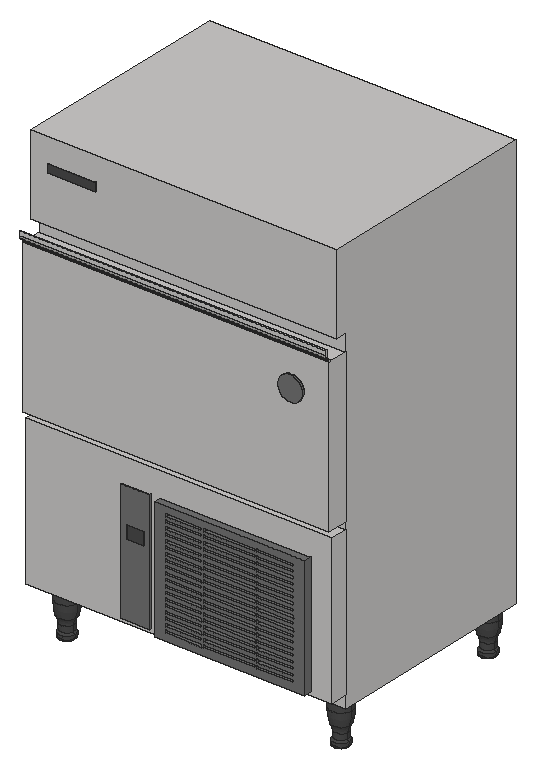
Revit family "QF_MACOM_HOSIM65NELM-2M", category Equipamento especial, Revit 2020
Family settings
  Cota do conector redondo = Utilizar diâmetro
  Tipo de parte = Normal
  Número OmniClass = 23.40.40.14.27
  Título OmniClass = Ice Machines
  Com base no plano de trabalho = Não
  Sempre na vertical = Sim
  Corte com vazios quando carregada = Não
  Compartilhado = Não
  Ponto de cálculo do ambiente = Não
Parameters (values of type "HOSIM65NELM-2M")
  Weight [instance] = 53.00 kg
  Watts [instance] = 400 W
  Waste Water Discharge Temperature = 0 °C
  Volume = 0.304 m³
  Volts [instance] = 220 V
  URL Recommended Spares List [instance] = ""
  URL Manufacturer [instance] = ""
  URL Cutsheet [instance] = ""
  URL Critical Spares List [instance] = ""
  URL = "https://www.acosmacom.com.br/produtos/maquina-de-gelo-im-65ne-lm/"
  Specification by User [instance] = ""
  Specification by Manufacturer [instance] = ""
  Serial Number [instance] = ""
  Seismic Rating [instance] = ""
  SMACNA No [instance] = ""
  Revision Code [instance] = ""
  Plumbing Remarks = ""
  Plumbing Connection Type = ""
  Number of Poles = 0
  NAFEM Spec ID Number [instance] = ""
  Modelo = "HOSIM65NELM-2M\r\nHOSIM65NELM-2M\r\nHOSIM65NELM-2M"
  Min Ckt Capacity = 0 A
  Max Overcurrent Protection = 0 A
  Item Number [instance] = ""
  Installed By [instance] = ""
  Indirect Waste Size = 3/4"
  Indirect Waste Flow = 0.0 L/s
  Indirect Waste Connection Type = ""
  Indirect Waste Connection Height = 177 mm
  Furnished By [instance] = ""
  Fabricante = "MACOM"
  Elevação padrão = 0 mm
  Electrical Remarks = ""
  Electric Connection Type = ""
  Elec Conn RI Height = 0 mm
  Descrição = "MAQUINA DE GELO EM CUBO GRANDE (48X48X58MM) HOSHIZAKI, PRODUCAO ATE 33KG/DIA, DEPOSITO DE 26KG - 220V MONOF - IM-65NE-LM-633X506X860mm"
  Conn Conduit = ""
  Type Comments = ""
  Solid Fuel Type [instance] = ""
  Show Logo [instance] = yes
  Show Clearances [instance] = yes
  Refrigeration Suction Line Size [instance] = 0"
  Refrigeration Liquid Line Size [instance] = 0"
  Refrigeration Evaporation Temperature [instance] = 0 °C
  Refrigeration Energy Efficiency Index [instance] = ""
  Refrigeration Defrost Drain [instance] = yes
  Refrigeration Climate Class [instance] = ""
  Refrigerant Type [instance] = "R134a"
  Refrigerant Mass [instance] = 0
  Refrigerant Flow [instance] = 0.0 L/s
  Refrigerant Compressor Remote [instance] = yes
  Potential Equalisation [instance] = yes
  Phase [instance] = 0
  Operational Current [instance] = 2.5 A
  Masterspec [instance] = ""
  Length Actual [instance] = 633 mm
  Ingress Protection Code [instance] = ""
  Identify Quantity as Lot [instance] = yes
  Height Actual [instance] = 950 mm
  Gas Connection Height [instance] = 0 mm
  Fuel Type [instance] = ""
  Foodservice Equipment Identifier [instance] = yes
  Elec Conn Connection Height [instance] = 228 mm
  Depth Actual [instance] = 514 mm
  Cycle [instance] = 60 Hz
  Conn Plug [instance] = ""
  Cold Water Temperature Recommended = 0 °C
  Cold Water Size = 3/4"
  Cold Water RI Height = 0 mm
  Cold Water Minimum Pressure = 0.0 Pa
  Cold Water Maximum Pressure = 0.0 Pa
  Cold Water Flow = 0.0 L/s
  Cold Water Consumption = ""
  Cold Water Connection Height = 766 mm
  CSI MasterFormat [instance] = ""
  CE Approved [instance] = yes
  BTUH [instance] = 2729 Btu/h
  Accessory [instance] = yes
Reference planes
  plane 1 "Centro (Frontal/Traseira)": y = 0
  plane 2: z = 0
  plane 3 "Centro (Esquerda/Direita)": x = 0
  plane 4: y = -514
  plane 5: z = 370.85
  plane 6: z = 120.85
  plane 7: y = -772
Forms (mm)
  Extrusion 1, solid, material "QF_Metal_Stainless Steel"
    sketch origin (0, 0, 0) x (0, 1, 0) y (0, 0, 1)
      loop
        line (-464, 90.5) -> (-24, 90.5) -> (-24, 950) -> (-487, 950) -> (-487, 786) -> (-464, 786) -> (-464, 90.5)
    from 0 to 633
  Extrusion 2, solid, material "QF_Metal_Stainless Steel"
    sketch origin (0, -464, 1046.354) x (0, 0, -1) y (1, 0, 0)
      loop
        line (624.354, 0) -> (931.354, 0) -> (931.354, 633) -> (624.354, 633) -> (624.354, 0)
    from 0 to 35
  Extrusion 3, solid, material "QF_Metal_Stainless Steel"
    sketch origin (0, -464, 1046.354) x (0, 0, -1) y (1, 0, 0)
      loop
        line (295.454, 0) -> (610.454, 0) -> (610.454, 633) -> (295.454, 633) -> (295.454, 0)
    from 0 to 42
  Extrusion 4, solid, material "QF_Metal_Stainless Steel"
    sketch origin (633, -464, 747.901) x (0, 0, -1) y (0, 1, 0)
      loop
        line (-2.999, -42) -> (-2.999, -40.896) -> (-5.061, -40.896)
        arc (-5.061, -40.896) -> (-6.488, -41.241) -> (-7.601, -42.198) r 3.129
        line (-7.601, -42.198) -> (-12.397, -46.994)
        arc (-12.397, -46.994) -> (-14.619, -48.479) -> (-17.24, -49) r 6.849
        line (-17.24, -49) -> (-27.599, -49) -> (-27.599, -50) -> (-17.746, -50)
        arc (-17.746, -50) -> (-14.456, -49.346) -> (-11.667, -47.482) r 8.597
        line (-11.667, -47.482) -> (-6.785, -42.6)
        arc (-6.785, -42.6) -> (-6.12, -42.156) -> (-5.336, -42) r 2.05
        line (-5.336, -42) -> (-2.999, -42)
    from 0 to -633
  Extrusion 5, solid, material "QF_Plastic-Dark Gray"
    sketch origin (0, -499, 1046.354) x (0, 0, -1) y (1, 0, 0)
      loop
        line (675.504, 278.5) -> (925.504, 278.5) -> (925.504, 588.5) -> (675.504, 588.5) -> (675.504, 278.5)
      loop
        line (688.814, 301.25) -> (694.814, 301.25) -> (694.814, 377) -> (688.814, 377) -> (688.814, 301.25)
      loop
        line (688.814, 380) -> (694.814, 380) -> (694.814, 487) -> (688.814, 487) -> (688.814, 380)
      loop
        line (688.814, 490) -> (694.814, 490) -> (694.814, 565.75) -> (688.814, 565.75) -> (688.814, 490)
      loop
        line (700.814, 301.25) -> (706.814, 301.25) -> (706.814, 377) -> (700.814, 377) -> (700.814, 301.25)
      loop
        line (700.814, 380) -> (706.814, 380) -> (706.814, 487) -> (700.814, 487) -> (700.814, 380)
      loop
        line (700.814, 490) -> (706.814, 490) -> (706.814, 565.75) -> (700.814, 565.75) -> (700.814, 490)
      loop
        line (712.814, 301.25) -> (718.814, 301.25) -> (718.814, 377) -> (712.814, 377) -> (712.814, 301.25)
      loop
        line (712.814, 380) -> (718.814, 380) -> (718.814, 487) -> (712.814, 487) -> (712.814, 380)
      loop
        line (712.814, 490) -> (718.814, 490) -> (718.814, 565.75) -> (712.814, 565.75) -> (712.814, 490)
      loop
        line (724.814, 301.25) -> (730.814, 301.25) -> (730.814, 377) -> (724.814, 377) -> (724.814, 301.25)
      loop
        line (724.814, 380) -> (730.814, 380) -> (730.814, 487) -> (724.814, 487) -> (724.814, 380)
      loop
        line (724.814, 490) -> (730.814, 490) -> (730.814, 565.75) -> (724.814, 565.75) -> (724.814, 490)
      loop
        line (736.814, 301.25) -> (742.814, 301.25) -> (742.814, 377) -> (736.814, 377) -> (736.814, 301.25)
      loop
        line (736.814, 380) -> (742.814, 380) -> (742.814, 487) -> (736.814, 487) -> (736.814, 380)
      loop
        line (736.814, 490) -> (742.814, 490) -> (742.814, 565.75) -> (736.814, 565.75) -> (736.814, 490)
      loop
        line (748.814, 301.25) -> (754.814, 301.25) -> (754.814, 377) -> (748.814, 377) -> (748.814, 301.25)
      loop
        line (748.814, 380) -> (754.814, 380) -> (754.814, 487) -> (748.814, 487) -> (748.814, 380)
      loop
        line (748.814, 490) -> (754.814, 490) -> (754.814, 565.75) -> (748.814, 565.75) -> (748.814, 490)
      loop
        line (760.814, 301.25) -> (766.814, 301.25) -> (766.814, 377) -> (760.814, 377) -> (760.814, 301.25)
      loop
        line (760.814, 380) -> (766.814, 380) -> (766.814, 487) -> (760.814, 487) -> (760.814, 380)
      loop
        line (760.814, 490) -> (766.814, 490) -> (766.814, 565.75) -> (760.814, 565.75) -> (760.814, 490)
      loop
        line (772.814, 301.25) -> (778.814, 301.25) -> (778.814, 377) -> (772.814, 377) -> (772.814, 301.25)
      loop
        line (772.814, 380) -> (778.814, 380) -> (778.814, 487) -> (772.814, 487) -> (772.814, 380)
      loop
        line (772.814, 490) -> (778.814, 490) -> (778.814, 565.75) -> (772.814, 565.75) -> (772.814, 490)
      loop
        line (784.814, 301.25) -> (790.814, 301.25) -> (790.814, 377) -> (784.814, 377) -> (784.814, 301.25)
      loop
        line (784.814, 380) -> (790.814, 380) -> (790.814, 487) -> (784.814, 487) -> (784.814, 380)
      loop
        line (784.814, 490) -> (790.814, 490) -> (790.814, 565.75) -> (784.814, 565.75) -> (784.814, 490)
      loop
        line (796.814, 301.25) -> (802.814, 301.25) -> (802.814, 377) -> (796.814, 377) -> (796.814, 301.25)
      loop
        line (796.814, 380) -> (802.814, 380) -> (802.814, 487) -> (796.814, 487) -> (796.814, 380)
      loop
        line (796.814, 490) -> (802.814, 490) -> (802.814, 565.75) -> (796.814, 565.75) -> (796.814, 490)
      loop
        line (808.814, 301.25) -> (814.814, 301.25) -> (814.814, 377) -> (808.814, 377) -> (808.814, 301.25)
      loop
        line (808.814, 380) -> (814.814, 380) -> (814.814, 487) -> (808.814, 487) -> (808.814, 380)
      loop
        line (808.814, 490) -> (814.814, 490) -> (814.814, 565.75) -> (808.814, 565.75) -> (808.814, 490)
      loop
        line (820.814, 301.25) -> (826.814, 301.25) -> (826.814, 377) -> (820.814, 377) -> (820.814, 301.25)
      loop
        line (820.814, 380) -> (826.814, 380) -> (826.814, 487) -> (820.814, 487) -> (820.814, 380)
      loop
        line (820.814, 490) -> (826.814, 490) -> (826.814, 565.75) -> (820.814, 565.75) -> (820.814, 490)
      loop
        line (832.814, 301.25) -> (838.814, 301.25) -> (838.814, 377) -> (832.814, 377) -> (832.814, 301.25)
      loop
        line (832.814, 380) -> (838.814, 380) -> (838.814, 487) -> (832.814, 487) -> (832.814, 380)
      loop
        line (832.814, 490) -> (838.814, 490) -> (838.814, 565.75) -> (832.814, 565.75) -> (832.814, 490)
      loop
        line (844.814, 301.25) -> (850.814, 301.25) -> (850.814, 377) -> (844.814, 377) -> (844.814, 301.25)
      loop
        line (844.814, 380) -> (850.814, 380) -> (850.814, 487) -> (844.814, 487) -> (844.814, 380)
      loop
        line (844.814, 490) -> (850.814, 490) -> (850.814, 565.75) -> (844.814, 565.75) -> (844.814, 490)
      loop
        line (856.814, 301.25) -> (862.814, 301.25) -> (862.814, 377) -> (856.814, 377) -> (856.814, 301.25)
      loop
        line (856.814, 380) -> (862.814, 380) -> (862.814, 487) -> (856.814, 487) -> (856.814, 380)
      loop
        line (856.814, 490) -> (862.814, 490) -> (862.814, 565.75) -> (856.814, 565.75) -> (856.814, 490)
      loop
        line (868.814, 301.25) -> (874.814, 301.25) -> (874.814, 377) -> (868.814, 377) -> (868.814, 301.25)
      loop
        line (868.814, 380) -> (874.814, 380) -> (874.814, 487) -> (868.814, 487) -> (868.814, 380)
      loop
        line (868.814, 490) -> (874.814, 490) -> (874.814, 565.75) -> (868.814, 565.75) -> (868.814, 490)
      loop
        line (880.814, 301.25) -> (886.814, 301.25) -> (886.814, 377) -> (880.814, 377) -> (880.814, 301.25)
      loop
        line (880.814, 380) -> (886.814, 380) -> (886.814, 487) -> (880.814, 487) -> (880.814, 380)
      loop
        line (880.814, 490) -> (886.814, 490) -> (886.814, 565.75) -> (880.814, 565.75) -> (880.814, 490)
      loop
        line (892.814, 301.25) -> (898.814, 301.25) -> (898.814, 377) -> (892.814, 377) -> (892.814, 301.25)
      loop
        line (892.814, 380) -> (898.814, 380) -> (898.814, 487) -> (892.814, 487) -> (892.814, 380)
      loop
        line (892.814, 490) -> (898.814, 490) -> (898.814, 565.75) -> (892.814, 565.75) -> (892.814, 490)
      loop
        line (904.814, 301.25) -> (910.814, 301.25) -> (910.814, 377) -> (904.814, 377) -> (904.814, 301.25)
      loop
        line (904.814, 380) -> (910.814, 380) -> (910.814, 487) -> (904.814, 487) -> (904.814, 380)
      loop
        line (904.814, 490) -> (910.814, 490) -> (910.814, 565.75) -> (904.814, 565.75) -> (904.814, 490)
    from 0 to 15
  Extrusion 6, solid, material "QF_Plastic-Dark Gray"
    sketch origin (0, -499, 1046.354) x (0, 0, -1) y (1, 0, 0)
      loop
        line (675.504, 198) -> (925.504, 198) -> (925.504, 258) -> (675.504, 258) -> (675.504, 198)
      loop
        line (749.004, 209.5) -> (775.004, 209.5) -> (775.004, 246.5) -> (749.004, 246.5) -> (749.004, 209.5)
    from 0 to 2
  Extrusion 7, solid, material "QF_Plastic_Black"
    sketch origin (0, -499, 1046.354) x (0, 0, -1) y (1, 0, 0)
      loop
        line (749.004, 209.5) -> (775.004, 209.5) -> (775.004, 246.5) -> (749.004, 246.5) -> (749.004, 209.5)
    from 0 to 2
  Extrusion 8, solid, material "QF_Metal_Stainless Steel"
    sketch origin (0, -243.851, 950) x (0, -1, 0) y (1, 0, 0)
      loop
        line (-243.851, 511.5) -> (-219.851, 511.5) -> (-219.851, 591.5) -> (-243.851, 591.5) -> (-243.851, 511.5)
    from -51.4 to -663.4
  Extrusion 9, solid, material "QF_Finishes_Clearance Door Blue", detail levels coarse
    sketch origin (633, -464, 747.901) x (0, 0, -1) y (0, 1, 0)
      loop
        line (312.001, -42) -> (-2.999, -42)
        arc (-2.999, -42) -> (36.496, -194.715) -> (145.076, -309.135) r 315
        line (145.076, -309.135) -> (312.001, -42)
    from 0 to -633
  Extrusion 10, solid, material "QF_Finishes_Clearance Wall", detail levels coarse
    sketch origin (0, -243.851, 950) x (0, -1, 0) y (1, 0, 0)
      loop
        line (270.149, 633) -> (270.149, 783) -> (-393.851, 783) -> (-393.851, -150) -> (270.149, -150) -> (270.149, 0) -> (-243.851, 0) -> (-243.851, 633) -> (270.149, 633)
    from 0 to -950
  Extrusion 11, solid, material "QF_Finishes_Clearance Wall", detail levels coarse
    sketch origin (0, -243.851, 950) x (0, -1, 0) y (1, 0, 0)
      loop
        line (-393.851, -150) -> (270.149, -150) -> (270.149, 783) -> (-393.851, 783) -> (-393.851, -150)
    from 0 to 150
  Extrusion 12, solid, material "QF_Metal_Stainless Steel"
    sketch origin (0, -24, 206.354) x (0, 0, 1) y (1, 0, 0)
      loop
        circle (61.146, 79) r 9.525
      loop
        circle (112.146, 35) r 9.525
      loop
        circle (650.146, 67) r 9.525
    from 0 to 6.35
Cuts and joins
  joined: Extrusion 10, Extrusion 11
Lines and regions (mm)
  symbolic lines
    curve 1: line (0, -24, 0) -> (633, -24, 0)
    curve 2: line (0, -506, 0) -> (0, -24, 0)
    curve 3: line (633, -506, 0) -> (0, -506, 0)
    curve 4: line (633, -24, 0) -> (633, -506, 0)
    curve 5: line (633, -513, 0) -> (0, -513, 0)
    curve 6: line (633, -506, 0) -> (633, -513, 0)
    curve 7: line (0, -506, 0) -> (633, -506, 0)
    curve 8: line (0, -513, 0) -> (0, -506, 0)
    curve 9: line (511.5, 0, 0) -> (591.5, 0, 0)
    curve 10: line (511.5, -24, 0) -> (511.5, 0, 0)
    curve 11: line (591.5, -24, 0) -> (511.5, -24, 0)
    curve 12: line (591.5, 0, 0) -> (591.5, -24, 0)
    curve 13: line (88.525, -17.65, 0) -> (76.562, -17.65, 0)
    curve 14: line (88.525, -24, 0) -> (88.525, -17.65, 0)
    curve 15: line (76.562, -24, 0) -> (88.525, -24, 0)
    curve 16: line (76.562, -17.65, 0) -> (76.562, -24, 0)
    curve 17: line (69.475, -17.65, 0) -> (57.442, -17.65, 0)
    curve 18: line (69.475, -24, 0) -> (69.475, -17.65, 0)
    curve 19: line (57.442, -24, 0) -> (69.475, -24, 0)
    curve 20: line (57.442, -17.65, 0) -> (57.442, -24, 0)
    curve 21: line (44.525, -17.65, 0) -> (25.419, -17.65, 0)
    curve 22: line (44.525, -24, 0) -> (44.525, -17.65, 0)
    curve 23: line (25.419, -24, 0) -> (44.525, -24, 0)
    curve 24: line (25.419, -17.65, 0) -> (25.419, -24, 0)
  model lines
    curve 25: line (633, -376, 315.5) -> (633, -372, 315.5)
    curve 26: line (633, -376, 259.5) -> (633, -376, 315.5)
    curve 27: line (633, -372, 259.5) -> (633, -376, 259.5)
    curve 28: line (633, -372, 315.5) -> (633, -372, 259.5)
    curve 29: line (633, -376, 254.5) -> (633, -372, 254.5)
    curve 30: line (633, -376, 233.5) -> (633, -376, 254.5)
    curve 31: line (633, -372, 233.5) -> (633, -376, 233.5)
    curve 32: line (633, -372, 254.5) -> (633, -372, 233.5)
    curve 33: line (633, -376, 228.5) -> (633, -372, 228.5)
    curve 34: line (633, -376, 172.5) -> (633, -376, 228.5)
    curve 35: line (633, -372, 172.5) -> (633, -376, 172.5)
    curve 36: line (633, -372, 228.5) -> (633, -372, 172.5)
    curve 37: line (633, -376, 167.5) -> (633, -372, 167.5)
    curve 38: line (633, -376, 141.5) -> (633, -376, 167.5)
    curve 39: line (633, -372, 141.5) -> (633, -376, 141.5)
    curve 40: line (633, -372, 167.5) -> (633, -372, 141.5)
    curve 41: line (633, -367, 315.5) -> (633, -363, 315.5)
    curve 42: line (633, -367, 259.5) -> (633, -367, 315.5)
    curve 43: line (633, -363, 259.5) -> (633, -367, 259.5)
    curve 44: line (633, -363, 315.5) -> (633, -363, 259.5)
    curve 45: line (633, -367, 254.5) -> (633, -363, 254.5)
    curve 46: line (633, -367, 233.5) -> (633, -367, 254.5)
    curve 47: line (633, -363, 233.5) -> (633, -367, 233.5)
    curve 48: line (633, -363, 254.5) -> (633, -363, 233.5)
    curve 49: line (633, -367, 228.5) -> (633, -363, 228.5)
    curve 50: line (633, -367, 172.5) -> (633, -367, 228.5)
    curve 51: line (633, -363, 172.5) -> (633, -367, 172.5)
    curve 52: line (633, -363, 228.5) -> (633, -363, 172.5)
    curve 53: line (633, -367, 167.5) -> (633, -363, 167.5)
    curve 54: line (633, -367, 141.5) -> (633, -367, 167.5)
    curve 55: line (633, -363, 141.5) -> (633, -367, 141.5)
    curve 56: line (633, -363, 167.5) -> (633, -363, 141.5)
    curve 57: line (633, -358, 315.5) -> (633, -354, 315.5)
    curve 58: line (633, -358, 259.5) -> (633, -358, 315.5)
    curve 59: line (633, -354, 259.5) -> (633, -358, 259.5)
    curve 60: line (633, -354, 315.5) -> (633, -354, 259.5)
    curve 61: line (633, -358, 254.5) -> (633, -354, 254.5)
    curve 62: line (633, -358, 233.5) -> (633, -358, 254.5)
    curve 63: line (633, -354, 233.5) -> (633, -358, 233.5)
    curve 64: line (633, -354, 254.5) -> (633, -354, 233.5)
    curve 65: line (633, -358, 228.5) -> (633, -354, 228.5)
    curve 66: line (633, -358, 172.5) -> (633, -358, 228.5)
    curve 67: line (633, -354, 172.5) -> (633, -358, 172.5)
    curve 68: line (633, -354, 228.5) -> (633, -354, 172.5)
    curve 69: line (633, -358, 167.5) -> (633, -354, 167.5)
    curve 70: line (633, -358, 141.5) -> (633, -358, 167.5)
    curve 71: line (633, -354, 141.5) -> (633, -358, 141.5)
    curve 72: line (633, -354, 167.5) -> (633, -354, 141.5)
    curve 73: line (633, -349, 315.5) -> (633, -345, 315.5)
    curve 74: line (633, -349, 259.5) -> (633, -349, 315.5)
    curve 75: line (633, -345, 259.5) -> (633, -349, 259.5)
    curve 76: line (633, -345, 315.5) -> (633, -345, 259.5)
    curve 77: line (633, -349, 254.5) -> (633, -345, 254.5)
    curve 78: line (633, -349, 233.5) -> (633, -349, 254.5)
    curve 79: line (633, -345, 233.5) -> (633, -349, 233.5)
    curve 80: line (633, -345, 254.5) -> (633, -345, 233.5)
    curve 81: line (633, -349, 228.5) -> (633, -345, 228.5)
    curve 82: line (633, -349, 172.5) -> (633, -349, 228.5)
    curve 83: line (633, -345, 172.5) -> (633, -349, 172.5)
    curve 84: line (633, -345, 228.5) -> (633, -345, 172.5)
    curve 85: line (633, -349, 167.5) -> (633, -345, 167.5)
    curve 86: line (633, -349, 141.5) -> (633, -349, 167.5)
    curve 87: line (633, -345, 141.5) -> (633, -349, 141.5)
    curve 88: line (633, -345, 167.5) -> (633, -345, 141.5)
    curve 89: line (633, -340, 315.5) -> (633, -336, 315.5)
    curve 90: line (633, -340, 259.5) -> (633, -340, 315.5)
    curve 91: line (633, -336, 259.5) -> (633, -340, 259.5)
    curve 92: line (633, -336, 315.5) -> (633, -336, 259.5)
    curve 93: line (633, -340, 254.5) -> (633, -336, 254.5)
    curve 94: line (633, -340, 233.5) -> (633, -340, 254.5)
    curve 95: line (633, -336, 233.5) -> (633, -340, 233.5)
    curve 96: line (633, -336, 254.5) -> (633, -336, 233.5)
    curve 97: line (633, -340, 228.5) -> (633, -336, 228.5)
    curve 98: line (633, -340, 172.5) -> (633, -340, 228.5)
    curve 99: line (633, -336, 172.5) -> (633, -340, 172.5)
    curve 100: line (633, -336, 228.5) -> (633, -336, 172.5)
    curve 101: line (633, -340, 167.5) -> (633, -336, 167.5)
    curve 102: line (633, -340, 141.5) -> (633, -340, 167.5)
    curve 103: line (633, -336, 141.5) -> (633, -340, 141.5)
    curve 104: line (633, -336, 167.5) -> (633, -336, 141.5)
    curve 105: line (633, -331, 315.5) -> (633, -327, 315.5)
    curve 106: line (633, -331, 259.5) -> (633, -331, 315.5)
    curve 107: line (633, -327, 259.5) -> (633, -331, 259.5)
    curve 108: line (633, -327, 315.5) -> (633, -327, 259.5)
    curve 109: line (633, -331, 254.5) -> (633, -327, 254.5)
    curve 110: line (633, -331, 233.5) -> (633, -331, 254.5)
    curve 111: line (633, -327, 233.5) -> (633, -331, 233.5)
    curve 112: line (633, -327, 254.5) -> (633, -327, 233.5)
    curve 113: line (633, -331, 228.5) -> (633, -327, 228.5)
    curve 114: line (633, -331, 172.5) -> (633, -331, 228.5)
    curve 115: line (633, -327, 172.5) -> (633, -331, 172.5)
    curve 116: line (633, -327, 228.5) -> (633, -327, 172.5)
    curve 117: line (633, -331, 167.5) -> (633, -327, 167.5)
    curve 118: line (633, -331, 141.5) -> (633, -331, 167.5)
    curve 119: line (633, -327, 141.5) -> (633, -331, 141.5)
    curve 120: line (633, -327, 167.5) -> (633, -327, 141.5)
    curve 121: line (633, -322, 315.5) -> (633, -318, 315.5)
    curve 122: line (633, -322, 259.5) -> (633, -322, 315.5)
    curve 123: line (633, -318, 259.5) -> (633, -322, 259.5)
    curve 124: line (633, -318, 315.5) -> (633, -318, 259.5)
    curve 125: line (633, -322, 254.5) -> (633, -318, 254.5)
    curve 126: line (633, -322, 233.5) -> (633, -322, 254.5)
    curve 127: line (633, -318, 233.5) -> (633, -322, 233.5)
    curve 128: line (633, -318, 254.5) -> (633, -318, 233.5)
    curve 129: line (633, -322, 228.5) -> (633, -318, 228.5)
    curve 130: line (633, -322, 172.5) -> (633, -322, 228.5)
    curve 131: line (633, -318, 172.5) -> (633, -322, 172.5)
    curve 132: line (633, -318, 228.5) -> (633, -318, 172.5)
    curve 133: line (633, -322, 167.5) -> (633, -318, 167.5)
    curve 134: line (633, -322, 141.5) -> (633, -322, 167.5)
    curve 135: line (633, -318, 141.5) -> (633, -322, 141.5)
    curve 136: line (633, -318, 167.5) -> (633, -318, 141.5)
    curve 137: line (633, -313, 315.5) -> (633, -309, 315.5)
    curve 138: line (633, -313, 259.5) -> (633, -313, 315.5)
    curve 139: line (633, -309, 259.5) -> (633, -313, 259.5)
    curve 140: line (633, -309, 315.5) -> (633, -309, 259.5)
    curve 141: line (633, -313, 254.5) -> (633, -309, 254.5)
    curve 142: line (633, -313, 233.5) -> (633, -313, 254.5)
    curve 143: line (633, -309, 233.5) -> (633, -313, 233.5)
    curve 144: line (633, -309, 254.5) -> (633, -309, 233.5)
    curve 145: line (633, -313, 228.5) -> (633, -309, 228.5)
    curve 146: line (633, -313, 172.5) -> (633, -313, 228.5)
    curve 147: line (633, -309, 172.5) -> (633, -313, 172.5)
    curve 148: line (633, -309, 228.5) -> (633, -309, 172.5)
    curve 149: line (633, -313, 167.5) -> (633, -309, 167.5)
    curve 150: line (633, -313, 141.5) -> (633, -313, 167.5)
    curve 151: line (633, -309, 141.5) -> (633, -313, 141.5)
    curve 152: line (633, -309, 167.5) -> (633, -309, 141.5)
    curve 153: line (633, -304, 315.5) -> (633, -300, 315.5)
    curve 154: line (633, -304, 259.5) -> (633, -304, 315.5)
    curve 155: line (633, -300, 259.5) -> (633, -304, 259.5)
    curve 156: line (633, -300, 315.5) -> (633, -300, 259.5)
    curve 157: line (633, -304, 254.5) -> (633, -300, 254.5)
    curve 158: line (633, -304, 233.5) -> (633, -304, 254.5)
    curve 159: line (633, -300, 233.5) -> (633, -304, 233.5)
    curve 160: line (633, -300, 254.5) -> (633, -300, 233.5)
    curve 161: line (633, -304, 228.5) -> (633, -300, 228.5)
    curve 162: line (633, -304, 172.5) -> (633, -304, 228.5)
    curve 163: line (633, -300, 172.5) -> (633, -304, 172.5)
    curve 164: line (633, -300, 228.5) -> (633, -300, 172.5)
    curve 165: line (633, -304, 167.5) -> (633, -300, 167.5)
    curve 166: line (633, -304, 141.5) -> (633, -304, 167.5)
    curve 167: line (633, -300, 141.5) -> (633, -304, 141.5)
    curve 168: line (633, -300, 167.5) -> (633, -300, 141.5)
    curve 169: line (633, -295, 315.5) -> (633, -291, 315.5)
    curve 170: line (633, -295, 259.5) -> (633, -295, 315.5)
    curve 171: line (633, -291, 259.5) -> (633, -295, 259.5)
    curve 172: line (633, -291, 315.5) -> (633, -291, 259.5)
    curve 173: line (633, -295, 254.5) -> (633, -291, 254.5)
    curve 174: line (633, -295, 233.5) -> (633, -295, 254.5)
    curve 175: line (633, -291, 233.5) -> (633, -295, 233.5)
    curve 176: line (633, -291, 254.5) -> (633, -291, 233.5)
    curve 177: line (633, -295, 228.5) -> (633, -291, 228.5)
    curve 178: line (633, -295, 172.5) -> (633, -295, 228.5)
    curve 179: line (633, -291, 172.5) -> (633, -295, 172.5)
    curve 180: line (633, -291, 228.5) -> (633, -291, 172.5)
    curve 181: line (633, -295, 167.5) -> (633, -291, 167.5)
    curve 182: line (633, -295, 141.5) -> (633, -295, 167.5)
    curve 183: line (633, -291, 141.5) -> (633, -295, 141.5)
    curve 184: line (633, -291, 167.5) -> (633, -291, 141.5)
    curve 185: line (633, -286, 315.5) -> (633, -282, 315.5)
    curve 186: line (633, -286, 259.5) -> (633, -286, 315.5)
    curve 187: line (633, -282, 259.5) -> (633, -286, 259.5)
    curve 188: line (633, -282, 315.5) -> (633, -282, 259.5)
    curve 189: line (633, -286, 254.5) -> (633, -282, 254.5)
    curve 190: line (633, -286, 233.5) -> (633, -286, 254.5)
    curve 191: line (633, -282, 233.5) -> (633, -286, 233.5)
    curve 192: line (633, -282, 254.5) -> (633, -282, 233.5)
    curve 193: line (633, -286, 228.5) -> (633, -282, 228.5)
    curve 194: line (633, -286, 172.5) -> (633, -286, 228.5)
    curve 195: line (633, -282, 172.5) -> (633, -286, 172.5)
    curve 196: line (633, -282, 228.5) -> (633, -282, 172.5)
    curve 197: line (633, -286, 167.5) -> (633, -282, 167.5)
    curve 198: line (633, -286, 141.5) -> (633, -286, 167.5)
    curve 199: line (633, -282, 141.5) -> (633, -286, 141.5)
    curve 200: line (633, -282, 167.5) -> (633, -282, 141.5)
    curve 201: line (633, -277, 315.5) -> (633, -273, 315.5)
    curve 202: line (633, -277, 259.5) -> (633, -277, 315.5)
    curve 203: line (633, -273, 259.5) -> (633, -277, 259.5)
    curve 204: line (633, -273, 315.5) -> (633, -273, 259.5)
    curve 205: line (633, -277, 254.5) -> (633, -273, 254.5)
    curve 206: line (633, -277, 233.5) -> (633, -277, 254.5)
    curve 207: line (633, -273, 233.5) -> (633, -277, 233.5)
    curve 208: line (633, -273, 254.5) -> (633, -273, 233.5)
    curve 209: line (633, -277, 228.5) -> (633, -273, 228.5)
    curve 210: line (633, -277, 172.5) -> (633, -277, 228.5)
    curve 211: line (633, -273, 172.5) -> (633, -277, 172.5)
    curve 212: line (633, -273, 228.5) -> (633, -273, 172.5)
    curve 213: line (633, -277, 167.5) -> (633, -273, 167.5)
    curve 214: line (633, -277, 141.5) -> (633, -277, 167.5)
    curve 215: line (633, -273, 141.5) -> (633, -277, 141.5)
    curve 216: line (633, -273, 167.5) -> (633, -273, 141.5)
    curve 217: line (633, -268, 315.5) -> (633, -264, 315.5)
    curve 218: line (633, -268, 259.5) -> (633, -268, 315.5)
    curve 219: line (633, -264, 259.5) -> (633, -268, 259.5)
    curve 220: line (633, -264, 315.5) -> (633, -264, 259.5)
    curve 221: line (633, -268, 254.5) -> (633, -264, 254.5)
    curve 222: line (633, -268, 233.5) -> (633, -268, 254.5)
    curve 223: line (633, -264, 233.5) -> (633, -268, 233.5)
    curve 224: line (633, -264, 254.5) -> (633, -264, 233.5)
    curve 225: line (633, -268, 228.5) -> (633, -264, 228.5)
    curve 226: line (633, -268, 172.5) -> (633, -268, 228.5)
    curve 227: line (633, -264, 172.5) -> (633, -268, 172.5)
    curve 228: line (633, -264, 228.5) -> (633, -264, 172.5)
    curve 229: line (633, -268, 167.5) -> (633, -264, 167.5)
    curve 230: line (633, -268, 141.5) -> (633, -268, 167.5)
    curve 231: line (633, -264, 141.5) -> (633, -268, 141.5)
    curve 232: line (633, -264, 167.5) -> (633, -264, 141.5)
    curve 233: line (633, -259, 315.5) -> (633, -255, 315.5)
    curve 234: line (633, -259, 259.5) -> (633, -259, 315.5)
    curve 235: line (633, -255, 259.5) -> (633, -259, 259.5)
    curve 236: line (633, -255, 315.5) -> (633, -255, 259.5)
    curve 237: line (633, -259, 254.5) -> (633, -255, 254.5)
    curve 238: line (633, -259, 233.5) -> (633, -259, 254.5)
    curve 239: line (633, -255, 233.5) -> (633, -259, 233.5)
    curve 240: line (633, -255, 254.5) -> (633, -255, 233.5)
    curve 241: line (633, -259, 228.5) -> (633, -255, 228.5)
    curve 242: line (633, -259, 172.5) -> (633, -259, 228.5)
    curve 243: line (633, -255, 172.5) -> (633, -259, 172.5)
    curve 244: line (633, -255, 228.5) -> (633, -255, 172.5)
    curve 245: line (633, -259, 167.5) -> (633, -255, 167.5)
    curve 246: line (633, -259, 141.5) -> (633, -259, 167.5)
    curve 247: line (633, -255, 141.5) -> (633, -259, 141.5)
    curve 248: line (633, -255, 167.5) -> (633, -255, 141.5)
    curve 249: line (633, -250, 315.5) -> (633, -246, 315.5)
    curve 250: line (633, -250, 259.5) -> (633, -250, 315.5)
    curve 251: line (633, -246, 259.5) -> (633, -250, 259.5)
    curve 252: line (633, -246, 315.5) -> (633, -246, 259.5)
    curve 253: line (633, -250, 254.5) -> (633, -246, 254.5)
    curve 254: line (633, -250, 233.5) -> (633, -250, 254.5)
    curve 255: line (633, -246, 233.5) -> (633, -250, 233.5)
    curve 256: line (633, -246, 254.5) -> (633, -246, 233.5)
    curve 257: line (633, -250, 228.5) -> (633, -246, 228.5)
    curve 258: line (633, -250, 172.5) -> (633, -250, 228.5)
    curve 259: line (633, -246, 172.5) -> (633, -250, 172.5)
    curve 260: line (633, -246, 228.5) -> (633, -246, 172.5)
    curve 261: line (633, -250, 167.5) -> (633, -246, 167.5)
    curve 262: line (633, -250, 141.5) -> (633, -250, 167.5)
    curve 263: line (633, -246, 141.5) -> (633, -250, 141.5)
    curve 264: line (633, -246, 167.5) -> (633, -246, 141.5)
    curve 265: line (633, -241, 315.5) -> (633, -237, 315.5)
    curve 266: line (633, -241, 259.5) -> (633, -241, 315.5)
    curve 267: line (633, -237, 259.5) -> (633, -241, 259.5)
    curve 268: line (633, -237, 315.5) -> (633, -237, 259.5)
    curve 269: line (633, -241, 254.5) -> (633, -237, 254.5)
    curve 270: line (633, -241, 233.5) -> (633, -241, 254.5)
    curve 271: line (633, -237, 233.5) -> (633, -241, 233.5)
    curve 272: line (633, -237, 254.5) -> (633, -237, 233.5)
    curve 273: line (633, -241, 228.5) -> (633, -237, 228.5)
    curve 274: line (633, -241, 172.5) -> (633, -241, 228.5)
    curve 275: line (633, -237, 172.5) -> (633, -241, 172.5)
    curve 276: line (633, -237, 228.5) -> (633, -237, 172.5)
    curve 277: line (633, -241, 167.5) -> (633, -237, 167.5)
    curve 278: line (633, -241, 141.5) -> (633, -241, 167.5)
    curve 279: line (633, -237, 141.5) -> (633, -241, 141.5)
    curve 280: line (633, -237, 167.5) -> (633, -237, 141.5)
    curve 281: line (633, -232, 315.5) -> (633, -228, 315.5)
    curve 282: line (633, -232, 259.5) -> (633, -232, 315.5)
    curve 283: line (633, -228, 259.5) -> (633, -232, 259.5)
    curve 284: line (633, -228, 315.5) -> (633, -228, 259.5)
    curve 285: line (633, -232, 254.5) -> (633, -228, 254.5)
    curve 286: line (633, -232, 233.5) -> (633, -232, 254.5)
    curve 287: line (633, -228, 233.5) -> (633, -232, 233.5)
    curve 288: line (633, -228, 254.5) -> (633, -228, 233.5)
    curve 289: line (633, -232, 228.5) -> (633, -228, 228.5)
    curve 290: line (633, -232, 172.5) -> (633, -232, 228.5)
    curve 291: line (633, -228, 172.5) -> (633, -232, 172.5)
    curve 292: line (633, -228, 228.5) -> (633, -228, 172.5)
    curve 293: line (633, -232, 167.5) -> (633, -228, 167.5)
    curve 294: line (633, -232, 141.5) -> (633, -232, 167.5)
    curve 295: line (633, -228, 141.5) -> (633, -232, 141.5)
    curve 296: line (633, -228, 167.5) -> (633, -228, 141.5)
    curve 297: line (633, -223, 315.5) -> (633, -219, 315.5)
    curve 298: line (633, -223, 259.5) -> (633, -223, 315.5)
    curve 299: line (633, -219, 259.5) -> (633, -223, 259.5)
    curve 300: line (633, -219, 315.5) -> (633, -219, 259.5)
    curve 301: line (633, -223, 254.5) -> (633, -219, 254.5)
    curve 302: line (633, -223, 233.5) -> (633, -223, 254.5)
    curve 303: line (633, -219, 233.5) -> (633, -223, 233.5)
    curve 304: line (633, -219, 254.5) -> (633, -219, 233.5)
    curve 305: line (633, -223, 228.5) -> (633, -219, 228.5)
    curve 306: line (633, -223, 172.5) -> (633, -223, 228.5)
    curve 307: line (633, -219, 172.5) -> (633, -223, 172.5)
    curve 308: line (633, -219, 228.5) -> (633, -219, 172.5)
    curve 309: line (633, -223, 167.5) -> (633, -219, 167.5)
    curve 310: line (633, -223, 141.5) -> (633, -223, 167.5)
    curve 311: line (633, -219, 141.5) -> (633, -223, 141.5)
    curve 312: line (633, -219, 167.5) -> (633, -219, 141.5)
    curve 313: line (633, -214, 315.5) -> (633, -210, 315.5)
    curve 314: line (633, -214, 259.5) -> (633, -214, 315.5)
    curve 315: line (633, -210, 259.5) -> (633, -214, 259.5)
    curve 316: line (633, -210, 315.5) -> (633, -210, 259.5)
    curve 317: line (633, -214, 254.5) -> (633, -210, 254.5)
    curve 318: line (633, -214, 233.5) -> (633, -214, 254.5)
    curve 319: line (633, -210, 233.5) -> (633, -214, 233.5)
    curve 320: line (633, -210, 254.5) -> (633, -210, 233.5)
    curve 321: line (633, -214, 228.5) -> (633, -210, 228.5)
    curve 322: line (633, -214, 172.5) -> (633, -214, 228.5)
    curve 323: line (633, -210, 172.5) -> (633, -214, 172.5)
    curve 324: line (633, -210, 228.5) -> (633, -210, 172.5)
    curve 325: line (633, -214, 167.5) -> (633, -210, 167.5)
    curve 326: line (633, -214, 141.5) -> (633, -214, 167.5)
    curve 327: line (633, -210, 141.5) -> (633, -214, 141.5)
    curve 328: line (633, -210, 167.5) -> (633, -210, 141.5)
    curve 329: line (633, -205, 315.5) -> (633, -201, 315.5)
    curve 330: line (633, -205, 259.5) -> (633, -205, 315.5)
    curve 331: line (633, -201, 259.5) -> (633, -205, 259.5)
    curve 332: line (633, -201, 315.5) -> (633, -201, 259.5)
    curve 333: line (633, -205, 254.5) -> (633, -201, 254.5)
    curve 334: line (633, -205, 233.5) -> (633, -205, 254.5)
    curve 335: line (633, -201, 233.5) -> (633, -205, 233.5)
    curve 336: line (633, -201, 254.5) -> (633, -201, 233.5)
    curve 337: line (633, -205, 228.5) -> (633, -201, 228.5)
    curve 338: line (633, -205, 172.5) -> (633, -205, 228.5)
    curve 339: line (633, -201, 172.5) -> (633, -205, 172.5)
    curve 340: line (633, -201, 228.5) -> (633, -201, 172.5)
    curve 341: line (633, -205, 167.5) -> (633, -201, 167.5)
    curve 342: line (633, -205, 141.5) -> (633, -205, 167.5)
    curve 343: line (633, -201, 141.5) -> (633, -205, 141.5)
    curve 344: line (633, -201, 167.5) -> (633, -201, 141.5)
    curve 345: line (633, -196, 315.5) -> (633, -192, 315.5)
    curve 346: line (633, -196, 259.5) -> (633, -196, 315.5)
    curve 347: line (633, -192, 259.5) -> (633, -196, 259.5)
    curve 348: line (633, -192, 315.5) -> (633, -192, 259.5)
    curve 349: line (633, -196, 254.5) -> (633, -192, 254.5)
    curve 350: line (633, -196, 233.5) -> (633, -196, 254.5)
    curve 351: line (633, -192, 233.5) -> (633, -196, 233.5)
    curve 352: line (633, -192, 254.5) -> (633, -192, 233.5)
    curve 353: line (633, -196, 228.5) -> (633, -192, 228.5)
    curve 354: line (633, -196, 172.5) -> (633, -196, 228.5)
    curve 355: line (633, -192, 172.5) -> (633, -196, 172.5)
    curve 356: line (633, -192, 228.5) -> (633, -192, 172.5)
    curve 357: line (633, -196, 167.5) -> (633, -192, 167.5)
    curve 358: line (633, -196, 141.5) -> (633, -196, 167.5)
    curve 359: line (633, -192, 141.5) -> (633, -196, 141.5)
    curve 360: line (633, -192, 167.5) -> (633, -192, 141.5)
    curve 361: line (633, -187, 315.5) -> (633, -183, 315.5)
    curve 362: line (633, -187, 259.5) -> (633, -187, 315.5)
    curve 363: line (633, -183, 259.5) -> (633, -187, 259.5)
    curve 364: line (633, -183, 315.5) -> (633, -183, 259.5)
    curve 365: line (633, -187, 254.5) -> (633, -183, 254.5)
    curve 366: line (633, -187, 233.5) -> (633, -187, 254.5)
    curve 367: line (633, -183, 233.5) -> (633, -187, 233.5)
    curve 368: line (633, -183, 254.5) -> (633, -183, 233.5)
    curve 369: line (633, -187, 228.5) -> (633, -183, 228.5)
    curve 370: line (633, -187, 172.5) -> (633, -187, 228.5)
    curve 371: line (633, -183, 172.5) -> (633, -187, 172.5)
    curve 372: line (633, -183, 228.5) -> (633, -183, 172.5)
    curve 373: line (633, -187, 167.5) -> (633, -183, 167.5)
    curve 374: line (633, -187, 141.5) -> (633, -187, 167.5)
    curve 375: line (633, -183, 141.5) -> (633, -187, 141.5)
    curve 376: line (633, -183, 167.5) -> (633, -183, 141.5)
    curve 377: line (633, -178, 315.5) -> (633, -174, 315.5)
    curve 378: line (633, -178, 259.5) -> (633, -178, 315.5)
    curve 379: line (633, -174, 259.5) -> (633, -178, 259.5)
    curve 380: line (633, -174, 315.5) -> (633, -174, 259.5)
    curve 381: line (633, -178, 254.5) -> (633, -174, 254.5)
    curve 382: line (633, -178, 233.5) -> (633, -178, 254.5)
    curve 383: line (633, -174, 233.5) -> (633, -178, 233.5)
    curve 384: line (633, -174, 254.5) -> (633, -174, 233.5)
    curve 385: line (633, -178, 228.5) -> (633, -174, 228.5)
    curve 386: line (633, -178, 172.5) -> (633, -178, 228.5)
    curve 387: line (633, -174, 172.5) -> (633, -178, 172.5)
    curve 388: line (633, -174, 228.5) -> (633, -174, 172.5)
    curve 389: line (633, -178, 167.5) -> (633, -174, 167.5)
    curve 390: line (633, -178, 141.5) -> (633, -178, 167.5)
    curve 391: line (633, -174, 141.5) -> (633, -178, 141.5)
    curve 392: line (633, -174, 167.5) -> (633, -174, 141.5)
    curve 393: line (633, -169, 315.5) -> (633, -165, 315.5)
    curve 394: line (633, -169, 259.5) -> (633, -169, 315.5)
    curve 395: line (633, -165, 259.5) -> (633, -169, 259.5)
    curve 396: line (633, -165, 315.5) -> (633, -165, 259.5)
    curve 397: line (633, -169, 254.5) -> (633, -165, 254.5)
    curve 398: line (633, -169, 233.5) -> (633, -169, 254.5)
    curve 399: line (633, -165, 233.5) -> (633, -169, 233.5)
    curve 400: line (633, -165, 254.5) -> (633, -165, 233.5)
    curve 401: line (633, -169, 228.5) -> (633, -165, 228.5)
    curve 402: line (633, -169, 172.5) -> (633, -169, 228.5)
    curve 403: line (633, -165, 172.5) -> (633, -169, 172.5)
    curve 404: line (633, -165, 228.5) -> (633, -165, 172.5)
    curve 405: line (633, -169, 167.5) -> (633, -165, 167.5)
    curve 406: line (633, -169, 141.5) -> (633, -169, 167.5)
    curve 407: line (633, -165, 141.5) -> (633, -169, 141.5)
    curve 408: line (633, -165, 167.5) -> (633, -165, 141.5)
    curve 409: line (633, -160, 315.5) -> (633, -156, 315.5)
    curve 410: line (633, -160, 259.5) -> (633, -160, 315.5)
    curve 411: line (633, -156, 259.5) -> (633, -160, 259.5)
    curve 412: line (633, -156, 315.5) -> (633, -156, 259.5)
    curve 413: line (633, -160, 254.5) -> (633, -156, 254.5)
    curve 414: line (633, -160, 233.5) -> (633, -160, 254.5)
    curve 415: line (633, -156, 233.5) -> (633, -160, 233.5)
    curve 416: line (633, -156, 254.5) -> (633, -156, 233.5)
    curve 417: line (633, -160, 228.5) -> (633, -156, 228.5)
    curve 418: line (633, -160, 172.5) -> (633, -160, 228.5)
    curve 419: line (633, -156, 172.5) -> (633, -160, 172.5)
    curve 420: line (633, -156, 228.5) -> (633, -156, 172.5)
    curve 421: line (633, -160, 167.5) -> (633, -156, 167.5)
    curve 422: line (633, -160, 141.5) -> (633, -160, 167.5)
    curve 423: line (633, -156, 141.5) -> (633, -160, 141.5)
    curve 424: line (633, -156, 167.5) -> (633, -156, 141.5)
    curve 425: line (633, -151, 315.5) -> (633, -147, 315.5)
    curve 426: line (633, -151, 259.5) -> (633, -151, 315.5)
    curve 427: line (633, -147, 259.5) -> (633, -151, 259.5)
    curve 428: line (633, -147, 315.5) -> (633, -147, 259.5)
    curve 429: line (633, -151, 254.5) -> (633, -147, 254.5)
    curve 430: line (633, -151, 233.5) -> (633, -151, 254.5)
    curve 431: line (633, -147, 233.5) -> (633, -151, 233.5)
    curve 432: line (633, -147, 254.5) -> (633, -147, 233.5)
    curve 433: line (633, -151, 228.5) -> (633, -147, 228.5)
    curve 434: line (633, -151, 172.5) -> (633, -151, 228.5)
    curve 435: line (633, -147, 172.5) -> (633, -151, 172.5)
    curve 436: line (633, -147, 228.5) -> (633, -147, 172.5)
    curve 437: line (633, -151, 167.5) -> (633, -147, 167.5)
    curve 438: line (633, -151, 141.5) -> (633, -151, 167.5)
    curve 439: line (633, -147, 141.5) -> (633, -151, 141.5)
    curve 440: line (633, -147, 167.5) -> (633, -147, 141.5)
    curve 441: line (633, -142, 315.5) -> (633, -138, 315.5)
    curve 442: line (633, -142, 259.5) -> (633, -142, 315.5)
    curve 443: line (633, -138, 259.5) -> (633, -142, 259.5)
    curve 444: line (633, -138, 315.5) -> (633, -138, 259.5)
    curve 445: line (633, -142, 254.5) -> (633, -138, 254.5)
    curve 446: line (633, -142, 233.5) -> (633, -142, 254.5)
    curve 447: line (633, -138, 233.5) -> (633, -142, 233.5)
    curve 448: line (633, -138, 254.5) -> (633, -138, 233.5)
    curve 449: line (633, -142, 228.5) -> (633, -138, 228.5)
    curve 450: line (633, -142, 172.5) -> (633, -142, 228.5)
    curve 451: line (633, -138, 172.5) -> (633, -142, 172.5)
    curve 452: line (633, -138, 228.5) -> (633, -138, 172.5)
    curve 453: line (633, -142, 167.5) -> (633, -138, 167.5)
    curve 454: line (633, -142, 141.5) -> (633, -142, 167.5)
    curve 455: line (633, -138, 141.5) -> (633, -142, 141.5)
    curve 456: line (633, -138, 167.5) -> (633, -138, 141.5)
    curve 457: line (633, -133, 315.5) -> (633, -129, 315.5)
    curve 458: line (633, -133, 259.5) -> (633, -133, 315.5)
    curve 459: line (633, -129, 259.5) -> (633, -133, 259.5)
    curve 460: line (633, -129, 315.5) -> (633, -129, 259.5)
    curve 461: line (633, -133, 254.5) -> (633, -129, 254.5)
    curve 462: line (633, -133, 233.5) -> (633, -133, 254.5)
    curve 463: line (633, -129, 233.5) -> (633, -133, 233.5)
    curve 464: line (633, -129, 254.5) -> (633, -129, 233.5)
    curve 465: line (633, -133, 228.5) -> (633, -129, 228.5)
    curve 466: line (633, -133, 172.5) -> (633, -133, 228.5)
    curve 467: line (633, -129, 172.5) -> (633, -133, 172.5)
    curve 468: line (633, -129, 228.5) -> (633, -129, 172.5)
    curve 469: line (633, -133, 167.5) -> (633, -129, 167.5)
    curve 470: line (633, -133, 141.5) -> (633, -133, 167.5)
    curve 471: line (633, -129, 141.5) -> (633, -133, 141.5)
    curve 472: line (633, -129, 167.5) -> (633, -129, 141.5)
    curve 473: line (633, -124, 315.5) -> (633, -120, 315.5)
    curve 474: line (633, -124, 259.5) -> (633, -124, 315.5)
    curve 475: line (633, -120, 259.5) -> (633, -124, 259.5)
    curve 476: line (633, -120, 315.5) -> (633, -120, 259.5)
    curve 477: line (633, -124, 254.5) -> (633, -120, 254.5)
    curve 478: line (633, -124, 233.5) -> (633, -124, 254.5)
    curve 479: line (633, -120, 233.5) -> (633, -124, 233.5)
    curve 480: line (633, -120, 254.5) -> (633, -120, 233.5)
    curve 481: line (633, -124, 228.5) -> (633, -120, 228.5)
    curve 482: line (633, -124, 172.5) -> (633, -124, 228.5)
    curve 483: line (633, -120, 172.5) -> (633, -124, 172.5)
    curve 484: line (633, -120, 228.5) -> (633, -120, 172.5)
    curve 485: line (633, -124, 167.5) -> (633, -120, 167.5)
    curve 486: line (633, -124, 141.5) -> (633, -124, 167.5)
    curve 487: line (633, -120, 141.5) -> (633, -124, 141.5)
    curve 488: line (633, -120, 167.5) -> (633, -120, 141.5)
    curve 489: line (633, -115, 315.5) -> (633, -111, 315.5)
    curve 490: line (633, -115, 259.5) -> (633, -115, 315.5)
    curve 491: line (633, -111, 259.5) -> (633, -115, 259.5)
    curve 492: line (633, -111, 315.5) -> (633, -111, 259.5)
    curve 493: line (633, -115, 254.5) -> (633, -111, 254.5)
    curve 494: line (633, -115, 233.5) -> (633, -115, 254.5)
    curve 495: line (633, -111, 233.5) -> (633, -115, 233.5)
    curve 496: line (633, -111, 254.5) -> (633, -111, 233.5)
    curve 497: line (633, -115, 228.5) -> (633, -111, 228.5)
    curve 498: line (633, -115, 172.5) -> (633, -115, 228.5)
    curve 499: line (633, -111, 172.5) -> (633, -115, 172.5)
    curve 500: line (633, -111, 228.5) -> (633, -111, 172.5)
    curve 501: line (633, -115, 167.5) -> (633, -111, 167.5)
    curve 502: line (633, -115, 141.5) -> (633, -115, 167.5)
    curve 503: line (633, -111, 141.5) -> (633, -115, 141.5)
    curve 504: line (633, -111, 167.5) -> (633, -111, 141.5)
Dimensions and locks
  locked: Extrusion 1 sketch curve to Extrusion 1 sketch curve at 463
  locked: Extrusion 1 sketch curve to Extrusion 1 sketch curve at 440
  locked: Extrusion 1 sketch curve to Extrusion 1 sketch curve at 859.5
  locked: Extrusion 1 sketch curve to Extrusion 1 sketch curve at 695.5
  Extrusion 1 sketch curve to level = 90.5 mm
  locked: plane 1 "Centro (Frontal/Traseira)" to Extrusion 1 sketch curve at 24
  "Depth Actual": plane 1 "Centro (Frontal/Traseira)" to plane 4
  "Height Actual": Extrusion 1 to level
  "Length Actual": Extrusion 1 to plane 3 "Centro (Esquerda/Direita)"
  locked: Extrusion 1 to nested 4 at 30
  locked: nested 3 to Extrusion 1 at 30
  locked: Extrusion 1 to nested 3 at 33
  locked: nested 1 to Extrusion 1 at 33
  locked: Extrusion 2 sketch curve to Extrusion 1 at 24.5
  Extrusion 2 sketch curve to Extrusion 2 sketch curve = 307 mm
  locked: Extrusion 3 sketch curve to Extrusion 2 at 13.9
  locked: Extrusion 1 to Extrusion 3 sketch curve at 35.1
  locked: Extrusion 5 sketch curve to Extrusion 5 sketch curve at 310
  locked: Extrusion 5 sketch curve to Extrusion 5 sketch curve at 250
  locked: Extrusion 5 sketch curve to Extrusion 2 at 5.85
  locked: Extrusion 5 sketch curve to Extrusion 2 at 44.5
  locked: Extrusion 5 sketch curve to Extrusion 5 sketch curve at 22.75  (x2)
  locked: Extrusion 5 sketch curve to Extrusion 5 sketch curve at 3  (x19)
  Extrusion 5 sketch curve to Extrusion 5 sketch curve = 3 mm
  locked: Extrusion 5 sketch curve to Extrusion 5 sketch curve at 75.75  (x38)
  Extrusion 5 sketch curve to Extrusion 5 sketch curve = 6 mm
  locked: Extrusion 6 sketch curve to Extrusion 5 at 20.5
  locked: Extrusion 6 sketch curve to Extrusion 6 sketch curve at 60
  locked: Extrusion 6 sketch curve to Extrusion 6 sketch curve at 11.5  (x2)
  locked: Extrusion 6 sketch curve to Extrusion 6 sketch curve at 150.5
  locked: plane 5 to Extrusion 6 sketch curve at 73.5
  locked: Extrusion 8 sketch curve to Extrusion 1 at 41.5
  Extrusion 8 sketch curve to Extrusion 8 sketch curve = 80 mm
  plane 7 to Extrusion 8 = 772 mm
  locked: Extrusion 12 sketch curve to plane 3 "Centro (Esquerda/Direita)" at 67
  locked: Extrusion 12 sketch curve to plane 3 "Centro (Esquerda/Direita)" at 35
  locked: Extrusion 12 sketch curve to plane 3 "Centro (Esquerda/Direita)" at 79
  "Elec Conn Connection Height": Extrusion 1 to Extrusion 12 sketch curve
  "Indirect Waste Connection Height": Extrusion 1 to Extrusion 12 sketch curve
  "Cold Water Connection Height": Extrusion 1 to Extrusion 12 sketch curve
  equal spacing: group 1, group 2, group 3, group 4, group 5, group 6, group 7, group 8, group 9, group 10, group 11, group 12, group 13, group 14, group 15, group 16, group 17, group 18, group 19, group 20, group 21, group 22, group 23, group 24, group 25, group 26, group 27, group 28, group 29, group 30  (x3)
  aligned and locked: level to plane 2
  aligned and locked: nested 1 to nested 2
  aligned and locked: nested 3 to nested 4
  aligned and locked: nested 1 to nested 3
  aligned and locked: nested 4 to nested 2
  aligned and locked: plane 3 "Centro (Esquerda/Direita)" to Extrusion 2 sketch curve
  aligned and locked: Extrusion 2 sketch curve to Extrusion 1
  aligned and locked: plane 3 "Centro (Esquerda/Direita)" to Extrusion 3 sketch curve
  aligned and locked: Extrusion 3 sketch curve to Extrusion 1
  aligned and locked: Extrusion 4 to plane 3 "Centro (Esquerda/Direita)"
  aligned and locked: Extrusion 1 to Extrusion 4
  aligned and locked: Extrusion 5 sketch curve to Extrusion 5 sketch curve  (x76)
  aligned and locked: plane 6 to Extrusion 5
  aligned and locked: plane 5 to Extrusion 5
  aligned and locked: Extrusion 6 sketch curve to plane 5
  aligned and locked: plane 6 to Extrusion 6 sketch curve
  aligned and locked: Extrusion 7 sketch curve to Extrusion 6  (x4)
  aligned and locked: Extrusion 1 to nested 5
  aligned and locked: plane 1 "Centro (Frontal/Traseira)" to Extrusion 8 sketch curve
  aligned and locked: Extrusion 1 to Extrusion 8 sketch curve
  aligned and locked: Extrusion 9 sketch curve to Extrusion 3
  aligned and locked: Extrusion 10 to level
  aligned and locked: Extrusion 10 to Extrusion 1
Automatic sketch dimensions
  Extrusion 4 sketch curve to Extrusion 3 = 0 mm
  Extrusion 3 to Extrusion 4 sketch curve = 0 mm
  Extrusion 4 sketch curve to Extrusion 3 = 2.063 mm
  Extrusion 4 sketch curve to Extrusion 4 sketch curve = 0.274 mm
  Extrusion 4 sketch curve to Extrusion 3 = 0.6 mm
  Extrusion 4 sketch curve to Extrusion 4 sketch curve = 1.45 mm
  Extrusion 4 sketch curve to Extrusion 3 = 0.198 mm
  Extrusion 4 sketch curve to Extrusion 4 sketch curve = 0.816 mm
  Extrusion 4 sketch curve to Extrusion 4 sketch curve = 4.066 mm
  Extrusion 4 sketch curve to Extrusion 4 sketch curve = 0.73 mm
  Extrusion 4 sketch curve to Extrusion 4 sketch curve = 4.843 mm
  Extrusion 4 sketch curve to Extrusion 4 sketch curve = 0.505 mm
  Extrusion 4 sketch curve to Extrusion 4 sketch curve = 9.853 mm
  Extrusion 4 sketch curve to Extrusion 3 = 4.994 mm
  Extrusion 4 sketch curve to Extrusion 4 sketch curve = 0.488 mm
  Extrusion 4 sketch curve to Extrusion 3 = 7 mm
  Extrusion 4 sketch curve to Extrusion 4 sketch curve = 1 mm
  Extrusion 4 sketch curve to Extrusion 4 sketch curve = 0.025 mm
  Extrusion 5 sketch curve to Extrusion 2 = 64.46 mm
  Extrusion 5 sketch curve to Extrusion 5 sketch curve = 6 mm  (x36)
  Extrusion 5 sketch curve to Extrusion 5 sketch curve = 0 mm  (x35)
  Extrusion 5 sketch curve to Extrusion 5 sketch curve = 22.75 mm
  Extrusion 5 sketch curve to Extrusion 5 sketch curve = 3 mm  (x18)
  Extrusion 9 sketch curve to Extrusion 3 = 0 mm  (x3)
  Extrusion 3 to Extrusion 9 sketch curve = 148.075 mm
  Extrusion 10 sketch curve to Extrusion 1 = 0 mm  (x2)
  Extrusion 10 sketch curve to Extrusion 1 = 174 mm
  Extrusion 1 to Extrusion 10 sketch curve = 27 mm  (x2)
  Extrusion 10 sketch curve to Extrusion 1 = 150 mm  (x2)
  Extrusion 10 sketch curve to Extrusion 1 = 24 mm
  Extrusion 11 sketch curve to Extrusion 1 = 174 mm
  Extrusion 1 to Extrusion 11 sketch curve = 27 mm
  Extrusion 11 sketch curve to Extrusion 1 = 150 mm  (x2)
  curve 1 to plane 3 "Centro (Esquerda/Direita)" = 0 mm
  plane 1 "Centro (Frontal/Traseira)" to curve 10 = 0 mm
  plane 3 "Centro (Esquerda/Direita)" to curve 23 = 25.419 mm
  curve 23 to curve 23 = 19.106 mm
  curve 21 to curve 20 = 12.917 mm
  curve 17 to curve 18 = 12.033 mm
  curve 17 to curve 16 = 7.087 mm
  curve 15 to curve 15 = 11.963 mm
  plane 1 "Centro (Frontal/Traseira)" to curve 10 = 24 mm
  curve 14 to curve 10 = 422.975 mm
  curve 10 to curve 11 = 80 mm
  curve 4 to plane 4 = 8 mm
  curve 11 to curve 4 = 41.5 mm
  curve 6 to plane 4 = 1 mm
  plane 1 "Centro (Frontal/Traseira)" to curve 2 = 24 mm
  plane 1 "Centro (Frontal/Traseira)" to curve 23 = 24 mm
  curve 22 to curve 20 = 0 mm
  curve 18 to curve 14 = 0 mm
  curve 18 to curve 17 = 6.35 mm
  curve 15 to curve 16 = 6.35 mm
  curve 23 to curve 24 = 6.35 mm
  radius of Extrusion 12 sketch curve = 9.525 mm  (x3)
Nested families
  nested 1: "PÉ IM65NE" at (33, -54, 0), type "PÉ IM65NE"
    with Weight 0.00 kg, Show Logo yes, Show Clearances yes, Masterspec "", Length Actual 0 mm, Identify Quantity as Lot yes, Height Actual 0 mm, Foodservice Equipment Identifier yes, Depth Actual 0 mm, CSI MasterFormat "", CE Approved yes, Accessory yes
  nested 2: "PÉ IM65NE" at (33, -434, 0), type "PÉ IM65NE"
    with Weight 0.00 kg, Show Logo yes, Show Clearances yes, Masterspec "", Length Actual 0 mm, Identify Quantity as Lot yes, Height Actual 0 mm, Foodservice Equipment Identifier yes, Depth Actual 0 mm, CSI MasterFormat "", CE Approved yes, Accessory yes
  nested 3: "PÉ IM65NE" at (600, -54, 0), type "PÉ IM65NE"
    with Weight 0.00 kg, Show Logo yes, Show Clearances yes, Masterspec "", Length Actual 0 mm, Identify Quantity as Lot yes, Height Actual 0 mm, Foodservice Equipment Identifier yes, Depth Actual 0 mm, CSI MasterFormat "", CE Approved yes, Accessory yes
  nested 4: "PÉ IM65NE" at (600, -434, 0), type "PÉ IM65NE"
    with Weight 0.00 kg, Show Logo yes, Show Clearances yes, Masterspec "", Length Actual 0 mm, Identify Quantity as Lot yes, Height Actual 0 mm, Foodservice Equipment Identifier yes, Depth Actual 0 mm, CSI MasterFormat "", CE Approved yes, Accessory yes
  nested 5: "QF_LOGO_HOSHIZAKI 1" at (38, -487, 884.16), visible <- "Show Logo", type "QF_LOGO_HOSHIZAKI 1"
    with Show Logo yes
  nested 6: "QF_Hoshizaki_Logo_minor" at (-663.8, 713.2, 650.72), visible <- "Show Logo", type "QF_Hoshizaki_Logo_minor"
    with Type Mark "", Status "", Specification by User "", Show Logo yes, Serial Number "", Revision Code "", Item Number "", Installed By "", Identify Quantity as Lot yes, Furnished By "", Foodservice Equipment Identifier yes
Connectors
  electrical at (35, -17.65, 318.5), driven by "Volts"
    settings: on Extrusion 12, index 1, voltage 220 V, apparent load 0 VA, apparent load phase1 0 VA, apparent load phase2 0 VA, apparent load phase3 0 VA, power factor 1, load classification "Outro", number of poles 1, system type 30, power factor state 1, is connector primary yes, connector utility no, sub classification motor no, connector description ""
  piping at (79, -17.65, 267.5), diameter 19.05, driven by "Indirect Waste Size"
    settings: on Extrusion 12, index 2, connector inside diameter 24", connector length 0 mm, flow factor 0, pipe flow 0.0 L/s, pressure drop 0.0 Pa, fitting loss kfactor 0, connector angle 0.00°, fixture units 0, engagement length 0 mm, angle of deflection 0.00°, flow configuration 0, flow direction 2, fitting loss method 0, system type 16, joint type 0, gender type 0, connector reference index -1, connector utility 0, adjustable connector no, is connector primary yes, connector description ""
  piping at (67, -17.65, 856.5), diameter 19.05, driven by "Cold Water Size"
    settings: on Extrusion 12, index 3, connector inside diameter 24", connector length 0 mm, flow factor 0, pipe flow 0.0 L/s, pressure drop 0.0 Pa, fitting loss kfactor 0, connector angle 0.00°, fixture units 0, engagement length 0 mm, angle of deflection 0.00°, flow configuration 0, flow direction 1, fitting loss method 0, system type 7, joint type 0, gender type 0, connector reference index -1, connector utility 0, adjustable connector no, is connector primary no, connector description ""
Definition of nested family "PÉ IM65NE"
  Parameters (values of type "PÉ IM65NE")
    Weight [instance] = 0.00 kg
    Default Elevation = 0 mm
    Type Comments = ""
    Show Logo [instance] = yes
    Show Clearances [instance] = yes
    Masterspec [instance] = ""
    Length Actual [instance] = 0 mm
    Identify Quantity as Lot [instance] = yes
    Height Actual [instance] = 0 mm
    Foodservice Equipment Identifier [instance] = yes
    Depth Actual [instance] = 0 mm
    CSI MasterFormat [instance] = ""
    CE Approved [instance] = yes
    Accessory [instance] = yes
  Reference planes
    plane 1 "Centro (Frontal/Traseira)": y = 0
    plane 2: z = 0
    plane 3 "Centro (Esquerda/Direita)": x = 0
  Forms (mm)
    Revolve 1, solid
      sketch origin (0, 0, 0) x (1, 0, 0) y (0, 0, 1)
        loop
          line (0, 0) -> (14, 0)
          arc (14, 0) -> (16.121, 0.879) -> (17, 3) r 3
          line (17, 3) -> (17, 9)
          arc (17, 9) -> (12.757, 10.757) -> (11, 15) r 6
          line (11, 15) -> (14, 15) -> (14, 27)
          arc (14, 27) -> (15.322, 34.5) -> (19.13, 41.095) r 21.929
          arc (19.13, 41.095) -> (22.028, 55.419) -> (23, 70) r 109.886
          line (23, 70) -> (23, 90.5) -> (0, 90.5) -> (0, 0)
        axis (0, 90.5) -> (0, 0)
      angle from 0 to 360
  Dimensions and locks
    Revolve 1 sketch curve to level = 90.5 mm
    aligned and locked: level to plane 2
Definition of nested family "QF_LOGO_HOSHIZAKI 1"
  Parameters (values of type "QF_LOGO_HOSHIZAKI 1")
    Show Logo [instance] = yes
    Default Elevation = 0 mm
  Reference planes
    plane 1 "Center (Front/Back)": y = 0
    plane 2: z = 0
    plane 3 "Center (Left/Right)": x = 0
  Forms (mm)
    Extrusion 1, solid, visible <- "Show Logo"
      sketch origin (407.985, 0, -1855.675) x (1, 0, 0) y (0, 0, 1)
        loop
          line (-407.985, 1872.468) -> (-407.985, 1855.675) -> (-309.899, 1855.675) -> (-309.899, 1872.468) -> (-407.985, 1872.468)
      from 0 to 1.588
    Extrusion 2, solid, not visible
      sketch origin (3085.008, -419.1, 126.552) x (1, 0, 0) y (0, 0, 1)
        loop
          line (640.109, 911.847) -> (640.109, 862.748) -> (786.227, 862.748) -> (786.227, 911.847) -> (640.109, 911.847)
      from 800.1 to 801.182
    Extrusion 3, solid, not visible
      sketch origin (3085.008, -419.1, 126.552) x (1, 0, 0) y (0, 0, 1)
        loop
          line (679.163, 887.85) -> (676.019, 876.116) -> (686.765, 876.116)
          arc (686.765, 876.116) -> (689.132, 876.931) -> (690.495, 879.03) r 3.844
          arc (690.495, 879.03) -> (690.981, 880.907) -> (691.499, 882.775) r 111.081
          arc (691.499, 882.775) -> (691.758, 884.368) -> (691.499, 885.962) r 5.014
          arc (691.499, 885.962) -> (690.435, 887.369) -> (688.737, 887.85) r 2.772
          line (688.737, 887.85) -> (679.163, 887.85)
        loop
          line (683.311, 884.082) -> (681.9, 878.815) -> (683.985, 878.815)
          arc (683.985, 878.815) -> (685.344, 879.31) -> (686.067, 880.562) r 2.114
